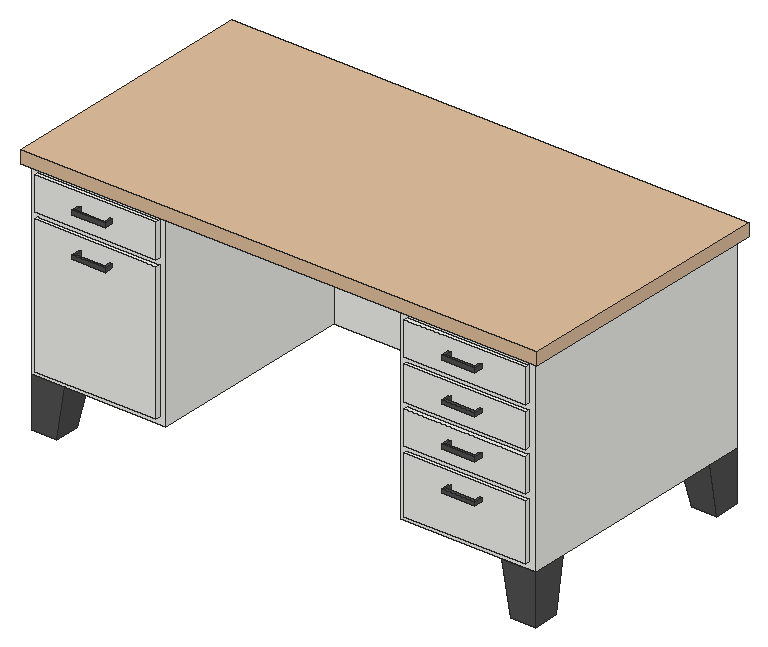
Revit family "M_Desk", category Furniture, Revit 2019
Family settings
  Work Plane-Based = No
  Always vertical = Yes
  Cut with Voids When Loaded = No
  Shared = Yes
  Room Calculation Point = No
Parameters (values of type "1525 x 762mm")
  Family Revision = 1
  Assembly Code = ""
  Depth = 762 mm
  Body Material = Laminate - Ivory, Matte
  Handle/Leg Material = Metal - Chrome
  Top Material = Wood - Cherry
  Height = 762 mm
  Leg Height = 152 mm
  Width = 1525 mm
Types (3, lengths in mm): name | Family Revision | Depth | Width
  1525 x 762mm | 1 | 762 | 1525
  1830 x 915mm | 0 | 915 | 1830
  1525 x 762mm Student | 0 | 762 | 1525
Reference planes
  plane 1: z = 0
  plane 2: z = 723.9
  plane 3: z = 152
  plane 4: z = 762
  plane 5 "Center (Left/Right)": x = 762
  plane 6 "Center (Front/Back)": y = 381
  plane 7 "Drawer Edge": y = -12.7
  plane 8: x = 202.7
  plane 9: x = 1321.3
  plane 10: z = 304.8
  plane 11: z = 425.45
  plane 12: z = 546.1
  plane 13: z = 666.75
  plane 14: z = 546.1
  plane 15: z = 666.75
  plane 16 "Top": y = 762
  plane 17 "Right": x = 1524.5
  plane 18 "Left": x = -0.5
  plane 19 "Bottom": y = 0
Forms (mm)
  Extrusion 1, solid, material "Laminate - Ivory, Matte" <- "Body Material"
    sketch origin (1524, 762, 0) x (-1, 0, 0) y (0, -1, 0)
      loop
        line (-0.5, 762) -> (-0.5, 0) -> (1524.5, 0) -> (1524.5, 762) -> (1118.1, 762) -> (1118.1, 127) -> (405.9, 127) -> (405.9, 762) -> (-0.5, 762)
    from 152 to 723.9
  Extrusion 2, solid, material "Wood - Cherry" <- "Top Material"
    sketch origin (1524, 762, 0) x (-1, 0, 0) y (0, -1, 0)
      loop
        line (-19.55, 781.05) -> (-19.55, -19.05) -> (1543.55, -19.05) -> (1543.55, 781.05) -> (-19.55, 781.05)
    from 723.9 to 762
  Blend 3, solid, material "Metal - Chrome" <- "Handle/Leg Material"
    base sketch origin (1524, 762, 0) x (-1, 0, 0) y (0, -1, 0)
      loop
        line (-0.5, 762) -> (-0.5, 685.8) -> (75.7, 685.8) -> (75.7, 762) -> (-0.5, 762)
    top sketch origin (1524, 762, 0) x (-1, 0, 0) y (0, -1, 0)
      loop
        line (-0.5, 762) -> (-0.5, 660.4) -> (101.1, 660.4) -> (101.1, 762) -> (-0.5, 762)
    from 0 to 152
  Blend 4, solid, material "Metal - Chrome" <- "Handle/Leg Material"
    base sketch origin (1524, 838.2, 0) x (-1, 0, 0) y (0, -1, 0)
      loop
        line (-0.5, 76.2) -> (75.7, 76.2) -> (75.7, 152.4) -> (-0.5, 152.4) -> (-0.5, 76.2)
    top sketch origin (1524, 838.2, 0) x (-1, 0, 0) y (0, -1, 0)
      loop
        line (-0.5, 76.2) -> (101.1, 76.2) -> (101.1, 177.8) -> (-0.5, 177.8) -> (-0.5, 76.2)
    from 0 to 152
  Blend 5, solid, material "Metal - Chrome" <- "Handle/Leg Material"
    base sketch origin (1524, 838.2, 0) x (-1, 0, 0) y (0, -1, 0)
      loop
        line (1524.5, 76.2) -> (1524.5, 152.4) -> (1448.3, 152.4) -> (1448.3, 76.2) -> (1524.5, 76.2)
    top sketch origin (1524, 838.2, 0) x (-1, 0, 0) y (0, -1, 0)
      loop
        line (1524.5, 76.2) -> (1524.5, 177.8) -> (1422.9, 177.8) -> (1422.9, 76.2) -> (1524.5, 76.2)
    from 0 to 152
  Blend 6, solid, material "Metal - Chrome" <- "Handle/Leg Material"
    base sketch origin (1524, 762, 0) x (-1, 0, 0) y (0, -1, 0)
      loop
        line (1524.5, 762) -> (1448.3, 762) -> (1448.3, 685.8) -> (1524.5, 685.8) -> (1524.5, 762)
    top sketch origin (1524, 762, 0) x (-1, 0, 0) y (0, -1, 0)
      loop
        line (1524.5, 762) -> (1422.9, 762) -> (1422.9, 660.4) -> (1524.5, 660.4) -> (1524.5, 762)
    from 0 to 152
  Extrusion 7, solid, material "Laminate - Ivory, Matte" <- "Body Material"
    sketch origin (0, 0, 0) x (-1, 0, 0) y (0, 0, 1)
      loop
        line (-1505.45, 704.85) -> (-1505.45, 602.85) -> (-1137.15, 602.85) -> (-1137.15, 704.85) -> (-1505.45, 704.85)
      loop
        line (-1505.45, 171.05) -> (-1137.15, 171.05) -> (-1137.15, 342.5) -> (-1505.45, 342.5) -> (-1505.45, 171.05)
      loop
        line (-1137.15, 583.8) -> (-1505.45, 583.8) -> (-1505.45, 482.2) -> (-1137.15, 482.2) -> (-1137.15, 583.8)
      loop
        line (-1137.15, 463.15) -> (-1505.45, 463.15) -> (-1505.45, 361.55) -> (-1137.15, 361.55) -> (-1137.15, 463.15)
    from -12.7 to 0
  Extrusion 8, solid, material "Laminate - Ivory, Matte" <- "Body Material"
    sketch origin (-304.8, -152.4, 0) x (1, 0, 0) y (0, 0, -1)
      loop
        line (323.35, -704.85) -> (691.65, -704.85) -> (691.65, -603.25) -> (323.35, -603.25) -> (323.35, -704.85)
      loop
        line (323.35, -171.05) -> (323.35, -584.2) -> (691.65, -584.2) -> (691.65, -171.05) -> (323.35, -171.05)
    from 139.7 to 152.4
  Sweep 9, solid, material "Metal - Chrome" <- "Handle/Leg Material"
    path origin (1524, 762, 0) x (-1, 0, 0) y (0, -1, 0)
      loop
        line (151.9, 774.7) -> (151.9, 800.1) -> (253.5, 800.1) -> (253.5, 774.7)
    profile origin (0, -25.4, 0) x (1, 0, 0) y (0, 0, 1)
      loop
        line (1372.1, 304.8) -> (1365.75, 304.8) -> (1365.75, 292.1) -> (1372.1, 292.1) -> (1372.1, 304.8)
      loop
        line (1372.1, 425.45) -> (1365.75, 425.45) -> (1365.75, 412.75) -> (1372.1, 412.75) -> (1372.1, 425.45)
      loop
        line (1372.1, 546.1) -> (1365.75, 546.1) -> (1365.75, 533.4) -> (1372.1, 533.4) -> (1372.1, 546.1)
      loop
        line (1372.1, 666.75) -> (1365.75, 666.75) -> (1365.75, 654.05) -> (1372.1, 654.05) -> (1372.1, 666.75)
  Sweep 10, solid, material "Metal - Chrome" <- "Handle/Leg Material"
    path origin (1524, 762, 0) x (-1, 0, 0) y (0, -1, 0)
      loop
        line (1372.1, 774.7) -> (1372.1, 800.1) -> (1270.5, 800.1) -> (1270.5, 774.7)
    profile origin (0, -25.4, 0) x (1, 0, 0) y (0, 0, 1)
      loop
        line (151.9, 546.1) -> (151.9, 533.4) -> (158.25, 533.4) -> (158.25, 546.1) -> (151.9, 546.1)
      loop
        line (151.9, 666.75) -> (151.9, 654.05) -> (158.25, 654.05) -> (158.25, 666.75) -> (151.9, 666.75)
Lines and regions (mm)
  Masking region 1
    outline origin (1524, 762, 0) x (-1, 0, 0) y (0, -1, 0)
      loop
        line (-0.5, 762) -> (-0.5, 0) -> (1524.5, 0) -> (1524.5, 762) -> (-0.5, 762)
Dimensions and locks
  "Height": plane 1 to plane 4
  plane 3 to plane 1 = 152 mm
  plane 2 to plane 4 = 38.1 mm
  locked: plane 2 to plane 4 at 38.1
  "Leg Height": plane 3 to plane 1
  Extrusion 1 to Extrusion 7 sketch curve = 19.05 mm
  plane 3 to Extrusion 7 sketch curve = 19.05 mm
  Extrusion 7 sketch curve to plane 2 = 19.05 mm
  plane 13 to Extrusion 7 = 38.1 mm
  plane 12 to Extrusion 7 = 37.7 mm
  plane 11 to Extrusion 7 = 37.7 mm
  plane 10 to Extrusion 7 = 37.7 mm
  plane 15 to Extrusion 8 = 38.1 mm
  plane 14 to Extrusion 8 = 38.1 mm
  locked: plane 9 to plane 17 "Right" at 203.2
  locked: plane 19 "Bottom" to plane 7 "Drawer Edge" at 12.7
  equal spacing: plane 18 "Left", plane 5 "Center (Left/Right)", plane 17 "Right"
  "Width": plane 18 "Left" to plane 17 "Right"
  equal spacing: plane 16 "Top", plane 6 "Center (Front/Back)", plane 19 "Bottom"
  "Depth": plane 16 "Top" to plane 19 "Bottom"
  locked: Extrusion 2 sketch curve to plane 18 "Left" at 19.05
  locked: Extrusion 2 sketch curve to plane 16 "Top" at 19.05
  locked: plane 17 "Right" to Extrusion 2 sketch curve at 19.05
  locked: plane 19 "Bottom" to Extrusion 2 sketch curve at 19.05
  locked: plane 18 "Left" to plane 8 at 203.2
  locked: plane 18 "Left" to Blend 5 sketch curve at 76.2
  locked: plane 16 "Top" to Blend 5 sketch curve at 76.2
  locked: plane 16 "Top" to Blend 4 sketch curve at 76.2
  locked: Blend 4 sketch curve to plane 17 "Right" at 76.2
  locked: plane 16 "Top" to Blend 5 sketch curve at 101.6
  locked: plane 18 "Left" to Blend 5 sketch curve at 101.6
  locked: Blend 4 sketch curve to plane 17 "Right" at 101.6
  locked: plane 16 "Top" to Blend 4 sketch curve at 101.6
  aligned and locked: Extrusion 1 to plane 2
  aligned and locked: plane 2 to Extrusion 2
  aligned and locked: Extrusion 2 to plane 4
  aligned and locked: plane 3 to Extrusion 1
  aligned and locked: Blend 4 to plane 3
  aligned and locked: Blend 5 to plane 3
  aligned and locked: Blend 3 to plane 3
  aligned and locked: Blend 6 to plane 3
  aligned and locked: Extrusion 7 to plane 7 "Drawer Edge"
  aligned and locked: Extrusion 8 to plane 7 "Drawer Edge"
  aligned and locked: Extrusion 1 sketch curve to plane 16 "Top"
  aligned and locked: plane 18 "Left" to Extrusion 1 sketch curve
  aligned and locked: Masking region 1 sketch curve to plane 16 "Top"
  aligned and locked: plane 18 "Left" to Masking region 1 sketch curve
  aligned and locked: plane 19 "Bottom" to Extrusion 8
  aligned and locked: Extrusion 1 to plane 19 "Bottom"
  aligned and locked: plane 19 "Bottom" to Extrusion 1 sketch curve
  aligned and locked: plane 19 "Bottom" to Extrusion 7
  aligned and locked: Blend 5 sketch curve to plane 18 "Left"
  aligned and locked: Blend 5 sketch curve to plane 16 "Top"
  aligned and locked: Blend 4 sketch curve to plane 17 "Right"
  aligned and locked: plane 16 "Top" to Blend 4 sketch curve
Automatic sketch dimensions
  Blend 3 sketch curve to Blend 3 sketch curve = 76.2 mm
  Blend 3 sketch curve to Blend 3 sketch curve = 101.6 mm
  Blend 4 sketch curve to Blend 4 sketch curve = 101.6 mm  (x2)
  Blend 6 sketch curve to Blend 6 sketch curve = 76.2 mm  (x2)
  Blend 6 sketch curve to Blend 6 sketch curve = 101.6 mm  (x2)
  plane 9 to Extrusion 7 sketch curve = 184.15 mm
  Extrusion 7 sketch curve to Extrusion 7 sketch curve = 0 mm  (x5)
  Extrusion 7 sketch curve to Extrusion 7 sketch curve = 171.45 mm
  Extrusion 7 sketch curve to Extrusion 7 sketch curve = 19.05 mm  (x3)
  Extrusion 7 sketch curve to Extrusion 7 sketch curve = 101.6 mm  (x2)
  plane 2 to Extrusion 8 sketch curve = 19.05 mm
  plane 8 to Extrusion 8 sketch curve = 184.15 mm
  Extrusion 8 sketch curve to Extrusion 8 sketch curve = 0 mm
  Extrusion 8 sketch curve to Extrusion 8 sketch curve = 101.6 mm
  Extrusion 8 sketch curve to Extrusion 8 sketch curve = 19.05 mm
  Extrusion 8 sketch curve to plane 3 = 19.05 mm
  Sweep 9 sketch curve to plane 7 "Drawer Edge" = 0 mm  (x2)
  plane 7 "Drawer Edge" to Sweep 9 sketch curve = 25.4 mm
  Sweep 9 sketch curve to plane 9 = 50.8 mm
  plane 9 to Sweep 9 sketch curve = 50.8 mm
  Sweep 9 sketch curve to plane 10 = 0 mm
  Sweep 9 sketch curve to plane 13 = 0 mm
  Sweep 9 sketch curve to plane 12 = 0 mm
  Sweep 9 sketch curve to plane 11 = 0 mm
  Sweep 9 sketch curve to profile plane = 0 mm  (x4)
  Sweep 9 sketch curve to Sweep 9 sketch curve = 6.35 mm  (x4)
  plane 10 to Sweep 9 sketch curve = 12.7 mm
  plane 11 to Sweep 9 sketch curve = 12.7 mm
  plane 12 to Sweep 9 sketch curve = 12.7 mm
  plane 13 to Sweep 9 sketch curve = 12.7 mm
  Sweep 10 sketch curve to plane 7 "Drawer Edge" = 0 mm  (x2)
  plane 7 "Drawer Edge" to Sweep 10 sketch curve = 25.4 mm
  plane 8 to Sweep 10 sketch curve = 50.8 mm
  Sweep 10 sketch curve to plane 8 = 50.8 mm
  Sweep 10 sketch curve to profile plane = 0 mm  (x2)
  Sweep 10 sketch curve to plane 15 = 0 mm
  Sweep 10 sketch curve to plane 14 = 0 mm
  Sweep 10 sketch curve to Sweep 10 sketch curve = 6.35 mm  (x2)
  plane 14 to Sweep 10 sketch curve = 12.7 mm
  plane 15 to Sweep 10 sketch curve = 12.7 mm
  Blend 3 sketch curve to plane 9 = 203.2 mm  (x2)
  Extrusion 7 sketch curve to plane 9 = 184.15 mm
  Blend 5 sketch curve to Blend 5 sketch curve = 101.6 mm  (x2)
  Blend 6 sketch curve to plane 8 = 127 mm
  Blend 6 sketch curve to plane 8 = 101.6 mm
  Extrusion 8 sketch curve to plane 8 = 184.15 mm  (x2)
  Blend 3 sketch curve to plane 7 "Drawer Edge" = 88.9 mm
  Blend 3 sketch curve to plane 7 "Drawer Edge" = 12.7 mm  (x2)
  Blend 3 sketch curve to plane 7 "Drawer Edge" = 114.3 mm
  Blend 6 sketch curve to plane 7 "Drawer Edge" = 88.9 mm
  Blend 6 sketch curve to plane 7 "Drawer Edge" = 114.3 mm
  Masking region 1 sketch curve to plane 17 "Right" = 0 mm
  Masking region 1 sketch curve to plane 19 "Bottom" = 0 mm
  Extrusion 1 sketch curve to plane 17 "Right" = 0 mm
  Extrusion 1 sketch curve to plane 19 "Bottom" = 0 mm
  plane 9 to Extrusion 1 sketch curve = 203.2 mm
  plane 8 to Extrusion 1 sketch curve = 203.2 mm
  Extrusion 1 sketch curve to plane 16 "Top" = 127 mm
